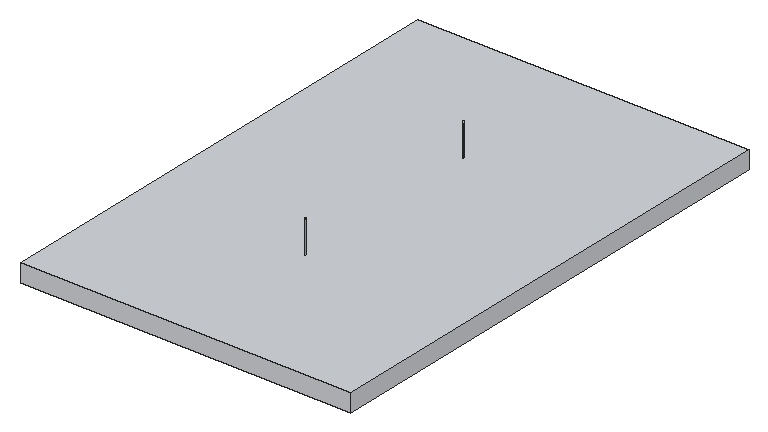
Revit family "V-LENSESxx150xxSWxx", category Leuchten, Revit 2020
Family settings
  Basisbauteil = Fläche
  Bemaßung runder Anschluss = Durchmesser verwenden
  Teiletyp = Normal
  OmniClass-Nummer = 23.80.70.11
  OmniClass-Titel = Luminaries for Internal Lighting
  Beim Laden mit Abzugskörper schneiden = Nein
  Lichtquelle = Ja
  Gemeinsam genutzt = Nein
  Raumberechnungspunkt = Nein
Parameters (values of type "V-LENSES-DI150-7DASW840B0700")
  width = 113 mm  # constant formula
  weight = "3,6"
  voltage type (AC, DC, UC) = "AC"
  suspension hight [instance] = 200 mm
  rated input power = 47
  product name = "V-LENSES-DI150-7DASW840B0700\r\nV-LENSES-D150-5RFSW840B0550"
  nominal voltage = "230"
  nominal frequency = "50-60Hz"
  length = 1500 mm  # constant formula
  ingress protection (IP) code = "IP20"
  height = 83 mm  # constant formula
  electrical safety class = "1"
  control gear = ""
  conformity mark = "CE"  # constant formula
  brand = "RIDI"
  approval mark = ""
  built-in parameter 1150104 = 13.8 (stored number, unit not read)
  Wattage = 48.4712 W
  Von Breite des Rechtecks ausssenden = 1272 mm  # constant formula
  Von Länge des Rechtecks aussenden = 111 mm  # constant formula
  Default Elevation = 0 mm
  built-in parameter 1150113 = 1 (stored number, unit not read)
  built-in parameter 1114218 = 1 (stored number, unit not read)
  URL = "www.ridi.de"
  built-in parameter 1150134 = 12
  built-in parameter 1150109 = 1 (stored number, unit not read)
  built-in parameter 1150110 = 1 (stored number, unit not read)
  Apparent Load = 47 VA
  Tilt Angle = 90.00°
  Modell = "1532577SW"
  built-in parameter 1114217 = 1 (stored number, unit not read)
  built-in parameter 1150139 = (empty or 0)
  built-in parameter 1150105 = 3929 (stored number, unit not read)
  built-in parameter 1150114 = 1 (stored number, unit not read)
  Lumens = 7200 lm
  built-in parameter 1150115 = 1 (stored number, unit not read)
  built-in parameter 1150112 = 1 (stored number, unit not read)
  Lampe = "LED"
  Hersteller = "RIDI Leuchten GmbH"  # constant formula
  Dimming Lamp Color Temperature Shift = (empty or 0)
  Color Filter = 16777215
  built-in parameter 1150133 = 10 (stored number, unit not read)
  Emit Shape Visible in Rendering = no
  built-in parameter 1150137 = (empty or 0)
  built-in parameter 1150132 = 2
  Datei für fotometrisches Netz = "V-LENSES-DI.IES"
  Copyright = "© RIDI. All rights reserved."  # constant formula
  built-in parameter 1150106 = 39.29 (stored number, unit not read)
  Baugruppenkennzeichen = "D5020200"
  built-in parameter 1150107 = 4000 (stored number, unit not read)
  built-in parameter 1150102 = (empty or 0)
  built-in parameter 1150138 = (empty or 0)
Types (5, lengths in mm): name | weight | rated input power | product name | Wattage | Apparent Load | Modell | built-in parameter 1150105 | Lumens | Datei für fotometrisches Netz | built-in parameter 1150106
  (no name) | "3,6" | 47 | "V-LENSES-DI150-7DASW840B0700\r\nV-LENSES-D150-5RFSW840B0550" | 48.4712 W | 47 VA | "1532577SW" | 3929 (stored number, unit not read) | 7200 lm | "V-LENSES-DI.IES" | 39.29 (stored number, unit not read)
  V-LENSES-D150-5RFSW840B0550 | "3,3" | 32 | "V-LENSES-D150-5RFSW840B0550\r\nV-LENSES-D150-5RFSW840B0550" | 36.3534 W | 32 VA | "1522576SW" | 429.72 (stored number, unit not read) | 5400 lm | "V-LENSES-D.IES" | 4.2972 (stored number, unit not read)
  V-LENSES-D150-7DASW840B0500 | "3,3" | 33 | "V-LENSES-D150-7DASW840B0500\r\nV-LENSES-D150-5RFSW840B0550" | 36.3534 W | 33 VA | "1532575SW" | 429.72 (stored number, unit not read) | 5400 lm | "V-LENSES-D.IES" | 4.2972 (stored number, unit not read)
  V-LENSES-DI150-7DASW840B0700 | "3,6" | 47 | "V-LENSES-DI150-7DASW840B0700\r\nV-LENSES-D150-5RFSW840B0550" | 48.4712 W | 47 VA | "1532577SW" | 3929 (stored number, unit not read) | 7200 lm | "V-LENSES-DI.IES" | 39.29 (stored number, unit not read)
  V-LENSES-DI150-5RFSW840B0700 | "3,6" | 47 | "V-LENSES-DI150-5RFSW840B0700\r\nV-LENSES-D150-5RFSW840B0550" | 48.4712 W | 47 VA | "1522578SW" | 3929 (stored number, unit not read) | 7200 lm | "V-LENSES-DI.IES" | 39.29 (stored number, unit not read)
Reference planes
  plane 1 "Mitte (Vorne/hinten)": y = 0
  plane 2: z = 0
  plane 3 "Mitte (Links/rechts)": x = 0
  plane 4: z = 200
Forms (mm)
  Extrusion 1, solid
    sketch origin (219.2, 280.8, 0) x (1, 0, 0) y (0, 1, 0)
      loop
        line (-1219.2, 1219.2) -> (-1219.2, -1780.8) -> (780.8, -1780.8) -> (780.8, 1219.2) -> (-1219.2, 1219.2)
    from 0 to -107.307
  Extrusion 2, solid
    sketch origin (0, 0, 0) x (1, 0, 0) y (0, 1, 0)
      loop
        circle (0, -600) r 2
      loop
        circle (0, 600) r 2
    from 0 to 200.369
Dimensions and locks
  "suspension hight": plane 4 to Extrusion 1
  plane 1 "Mitte (Vorne/hinten)" to Extrusion 2 sketch curve = 600 mm
  Extrusion 2 sketch curve to plane 1 "Mitte (Vorne/hinten)" = 600 mm
  locked: plane 1 "Mitte (Vorne/hinten)" to Extrusion 2 at 600
  locked: Extrusion 2 to plane 1 "Mitte (Vorne/hinten)" at 600
  locked: imposter light to plane 4 at 82.1
  aligned and locked: plane 2 to Extrusion 1
  aligned and locked: imposter light to plane 3 "Mitte (Links/rechts)"
  aligned and locked: import instance to Extrusion 2
  aligned and locked: import instance to plane 4
Automatic sketch dimensions
  Extrusion 1 sketch curve to Extrusion 1 sketch curve = 2000 mm
  Extrusion 1 sketch curve to Extrusion 1 sketch curve = 3000 mm
  Extrusion 2 sketch curve to plane 3 "Mitte (Links/rechts)" = 0 mm  (x2)
  radius of Extrusion 2 sketch curve = 2 mm  (x2)
Connectors
  electrical at (0, -600, 200.369), driven by "Apparent Load"
    settings: on Extrusion 2, index 1, voltage 230 V, apparent load 0 VA, apparent load phase1 47 VA, apparent load phase2 0 VA, apparent load phase3 0 VA, power factor 1, load classification "Lighting", number of poles 1, system type 31, power factor state 1, is connector primary yes, connector utility no, sub classification motor no, connector description ""
